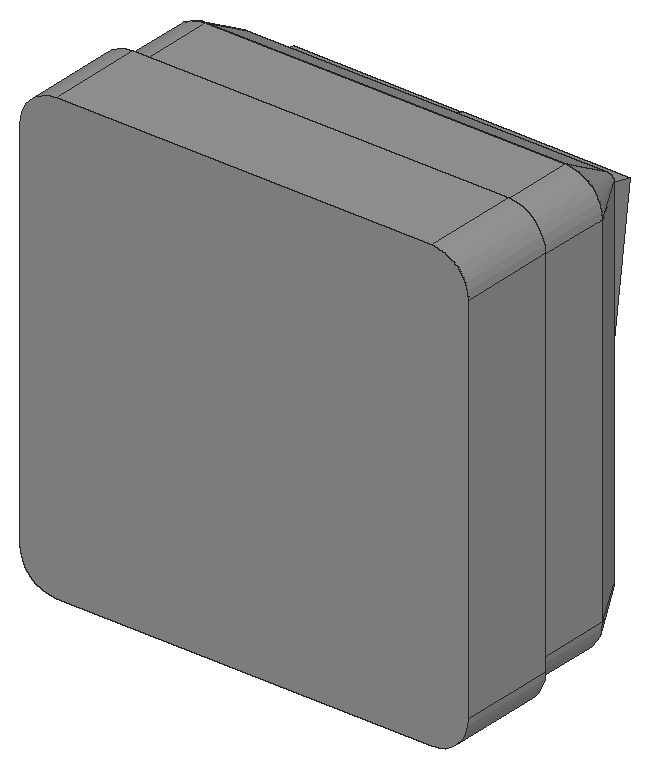
Revit family "IEK_Выключатель_ОткрытойУстановки_С Инд 10А 2-клавишный IP20_ОКТАВА", category Выключатели, Revit 2019
Family settings
  Сохранять ориентацию аннотаций = Да
  Размер круглого соединителя = Использовать диаметр
  Тип детали = Переключатель
  На основе рабочей плоскости = Нет
  Всегда вертикально = Да
  При загрузке вырезать с полостями = Нет
  Общий = Нет
  Точка расчета площади = Нет
Parameters (values of type "ВС20-2-1-ОКм")
  Ширина = 61 mm  # constant formula
  Тип монтажа = "Поверхность монтажа (открытая установка)"  # constant formula
  Степень защиты = "IP20"  # constant formula
  Изготовитель = "IEK"  # constant formula
  Дата изменения = ""
  Глубина = 37 mm  # constant formula
  Высота = 61 mm  # constant formula
  ΔХ [instance] = 2000 mm
  ΔY [instance] = 2000 mm
  KSI_CPr_Строительные изделия = "20.4.01"  # constant formula
  KSI_CMa_Строительные материалы = "01.7.14.03"  # constant formula
  IEK_Цена за единицу = 116.14
  IEK_Поиск в таблице имен = ""
  IEK_Описание = "Универсальный дизайн серии открытой установки \"ОКТАВА\" позволяет устанавливать изделия в квартирах, загородных домах, офисных и производственных помещениях."
  IEK_URL = "https://www.iek.ru/products/catalog/izdeliya_elektroustanovochnye_udliniteli_i_silovye_razemy/elektroustanovochnye_izdeliya/elektroustanovochnye_izdeliya_otkrytogo_montazha_ip20/elektroustanovochnye_izdeliya_oktava/elektroustanovochnye_izdeliya_oktava_tsvet_kremovyy/vyklyuchatel_2_klavishnyy_dlya_otkrytoy_ustanovki_s_indikatsiey_vs20_2_1_okm_10a_oktava_kremovyy_iek"
  ADSK_Ток [instance] = 10 A  # constant formula
  ADSK_Примечание = ""
  ADSK_Полная мощность [instance] = ADSK_Номинальная мощность / ADSK_Коэффициент мощности  # 2200 VA
  ADSK_Позиция [instance] = ""
  ADSK_Номинальная мощность [instance] = ADSK_Ток * ADSK_Напряжение * sqrt(ADSK_Количество фаз числовое) * ADSK_Коэффициент мощности  # 2200 W
  ADSK_Напряжение = 220 V
  ADSK_Наименование = "Выключатель 2-клавишный для открытой установки с индикацией ВС20-2-1-ОКм 10А ОКТАВА кремовый IEK"
  ADSK_Материал обозначение = ""
  ADSK_Материал наименование = "Пластик"  # constant formula
  ADSK_Материал = Цвет кремовый
  ADSK_Масса = 0.061
  ADSK_Марка = "ОКТАВА"  # constant formula
  ADSK_Коэффициент мощности [instance] = 1  # constant formula
  ADSK_Количество фаз числовое = 1
  ADSK_Количество фаз = 1
  ADSK_Код изделия = "EVO21-K33-10-DC"
  ADSK_Классификация нагрузок [instance] = Прочее
  ADSK_Завод-изготовитель = "IEK"  # constant formula
  ADSK_Единица измерения = "шт"  # constant formula
  ADSK_Группирование = "III ЭЛЕКТРОУСТАНОВОЧНЫЕ И ЭЛЕКТРОМОНТАЖНЫЕ ИЗДЕЛИЯ"  # constant formula
  ADSK_Версия семейства = "1.0"  # constant formula
  ADSK_Версия Revit = "2019"  # constant formula
  ADSK_URL страницы изделия = "https://www.iek.ru/products/catalog/izdeliya_elektroustanovochnye_udliniteli_i_silovye_razemy/elektroustanovochnye_izdeliya/elektroustanovochnye_izdeliya_otkrytogo_montazha_ip20/elektroustanovochnye_izdeliya_oktava/?pagec=10"
Types (3, lengths in mm): name | IEK_Цена за единицу | IEK_URL | ADSK_Наименование | ADSK_Материал | ADSK_Масса | ADSK_Код изделия
  (no name) | 116.14 | "https://www.iek.ru/products/catalog/izdeliya_elektroustanovochnye_udliniteli_i_silovye_razemy/elektroustanovochnye_izdeliya/elektroustanovochnye_izdeliya_otkrytogo_montazha_ip20/elektroustanovochnye_izdeliya_oktava/elektroustanovochnye_izdeliya_oktava_tsvet_kremovyy/vyklyuchatel_2_klavishnyy_dlya_otkrytoy_ustanovki_s_indikatsiey_vs20_2_1_okm_10a_oktava_kremovyy_iek" | "Выключатель 2-клавишный для открытой установки с индикацией ВС20-2-1-ОКм 10А ОКТАВА кремовый IEK" | Цвет кремовый | 0.061 | "EVO21-K33-10-DC"
  ВС20-2-1-ОС | 191.46 | "https://www.iek.ru/products/catalog/izdeliya_elektroustanovochnye_udliniteli_i_silovye_razemy/elektroustanovochnye_izdeliya/elektroustanovochnye_izdeliya_otkrytogo_montazha_ip20/elektroustanovochnye_izdeliya_oktava/elektroustanovochnye_izdeliya_oktava_tsvet_sosna/vyklyuchatel_2_klavishnyy_dlya_otkrytoy_ustanovki_s_indikatsiey_vs20_2_1_os_10a_oktava_sosna_iek" | "Выключатель 2-клавишный для открытой установки с индикацией ВС20-2-1-ОС 10А ОКТАВА сосна IEK" | Цвет сосна | 0.059 | "EVO21-K03-10-DC"
  ВС20-2-1-ОКм | 116.14 | "https://www.iek.ru/products/catalog/izdeliya_elektroustanovochnye_udliniteli_i_silovye_razemy/elektroustanovochnye_izdeliya/elektroustanovochnye_izdeliya_otkrytogo_montazha_ip20/elektroustanovochnye_izdeliya_oktava/elektroustanovochnye_izdeliya_oktava_tsvet_kremovyy/vyklyuchatel_2_klavishnyy_dlya_otkrytoy_ustanovki_s_indikatsiey_vs20_2_1_okm_10a_oktava_kremovyy_iek" | "Выключатель 2-клавишный для открытой установки с индикацией ВС20-2-1-ОКм 10А ОКТАВА кремовый IEK" | Цвет кремовый | 0.061 | "EVO21-K33-10-DC"
Reference planes
  plane 1 "По центру (Вперед/Назад)": y = 0
  plane 2: z = 0
  plane 3 "По центру (Влево/Вправо)": x = 0
  plane 4 "Высота ножек": z = 280
  plane 5 "Высота": z = 2081.496
  plane 6: x = -2000
  plane 7: y = 2000
Forms (mm)
  Extrusion 1, solid, detail levels coarse
    sketch origin (0, 24, 0) x (1, 0, 0) y (0, 1, 0)
      loop
        line (-30.5, -24) -> (30.5, -24) -> (30.5, 13) -> (-30.5, 13) -> (-30.5, -24)
    from 0 to 61
  Extrusion 2, solid, detail levels medium
    sketch origin (0, 24, 0) x (1, 0, 0) y (0, 1, 0)
      loop
        line (-30.5, 13) -> (-30.5, -24) -> (30.5, -24) -> (30.5, 13) -> (-30.5, 13)
    from 0 to 61
  Extrusion 3, solid, material "Цвет кремовый" <- "ADSK_Материал", detail levels fine
    sketch origin (0, 0, 30.5) x (1, 0, 0) y (0, 0, -1)
      loop
        line (-30.5, 25.5) -> (-30.5, -25.5)
        arc (-30.5, -25.5) -> (-29.036, -29.036) -> (-25.5, -30.5) r 5
        line (-25.5, -30.5) -> (25.5, -30.5)
        arc (25.5, -30.5) -> (29.036, -29.036) -> (30.5, -25.5) r 5
        line (30.5, -25.5) -> (30.5, 25.5)
        arc (30.5, 25.5) -> (29.036, 29.036) -> (25.5, 30.5) r 5
        line (25.5, 30.5) -> (-25.5, 30.5)
        arc (-25.5, 30.5) -> (-29.036, 29.036) -> (-30.5, 25.5) r 5
    from 0 to 13
  Extrusion 4, solid, material "Цвет кремовый" <- "ADSK_Материал", detail levels fine
    sketch origin (0, 0, 30.5) x (1, 0, 0) y (0, 0, -1)
      loop
        line (-29.5, 24.462) -> (-29.5, -24.462)
        arc (-29.5, -24.462) -> (-28.024, -28.024) -> (-24.462, -29.5) r 5.038
        line (-24.462, -29.5) -> (24.505, -29.5)
        arc (24.505, -29.5) -> (28.037, -28.037) -> (29.5, -24.505) r 4.995
        line (29.5, -24.505) -> (29.5, 24.505)
        arc (29.5, 24.505) -> (28.037, 28.037) -> (24.505, 29.5) r 4.995
        line (24.505, 29.5) -> (-24.462, 29.5)
        arc (-24.462, 29.5) -> (-28.024, 28.024) -> (-29.5, 24.462) r 5.038
    from 13 to 24
  Blend 5, solid, material "Цвет кремовый" <- "ADSK_Материал", detail levels fine
    base sketch origin (0, 0, 30.5) x (1, 0, 0) y (0, 0, -1)
      loop
        line (-29.5, 24.462) -> (-29.5, -24.462)
        arc (-29.5, -24.462) -> (-28.024, -28.024) -> (-24.462, -29.5) r 5.038
        line (-24.462, -29.5) -> (24.505, -29.5)
        arc (24.505, -29.5) -> (28.037, -28.037) -> (29.5, -24.505) r 4.995
        line (29.5, -24.505) -> (29.5, 24.505)
        arc (29.5, 24.505) -> (28.037, 28.037) -> (24.505, 29.5) r 4.995
        line (24.505, 29.5) -> (-24.462, 29.5)
        arc (-24.462, 29.5) -> (-28.024, 28.024) -> (-29.5, 24.462) r 5.038
    top sketch origin (0, 0, 30.5) x (1, 0, 0) y (0, 0, -1)
      loop
        line (-25.459, 24.5) -> (-25.459, -24.5)
        arc (-25.459, -24.5) -> (-25.178, -25.178) -> (-24.5, -25.459) r 0.959
        line (-24.5, -25.459) -> (24.5, -25.459)
        arc (24.5, -25.459) -> (25.178, -25.178) -> (25.459, -24.5) r 0.959
        line (25.459, -24.5) -> (25.459, 24.5)
        arc (25.459, 24.5) -> (25.178, 25.178) -> (24.5, 25.459) r 0.959
        line (24.5, 25.459) -> (-24.5, 25.459)
        arc (-24.5, 25.459) -> (-25.178, 25.178) -> (-25.459, 24.5) r 0.959
    from 24 to 31
  Extrusion 6, void
    sketch origin (0, 0, 30.5) x (1, 0, 0) y (0, 0, -1)
      loop
        arc (-23.459, -21.459) -> (-22.873, -22.873) -> (-21.459, -23.459) r 2
        line (-21.459, -23.459) -> (21.459, -23.459)
        arc (21.459, -23.459) -> (22.873, -22.873) -> (23.459, -21.459) r 2
        line (23.459, -21.459) -> (23.459, 21.459)
        arc (23.459, 21.459) -> (22.873, 22.873) -> (21.459, 23.459) r 2
        line (21.459, 23.459) -> (-21.459, 23.459)
        arc (-21.459, 23.459) -> (-22.873, 22.873) -> (-23.459, 21.459) r 2
        line (-23.459, 21.459) -> (-23.459, -21.459)
    from 30.5 to 31
  Extrusion 7, solid, material "Цвет кремовый" <- "ADSK_Материал", detail levels fine
    sketch origin (0, 0, 30.5) x (0, 0, -1) y (0, 1, 0)
      loop
        line (-23, 30.5) -> (23, 30.5) -> (-21.529, 37) -> (-23, 30.5)
    from 0.1 to 22.8
  Extrusion 8, solid, material "Цвет кремовый" <- "ADSK_Материал", detail levels fine
    sketch origin (0, 0, 30.5) x (0, 0, -1) y (0, -1, 0)
      loop
        line (-23, -30.5) -> (-21.529, -37) -> (23, -30.5) -> (-23, -30.5)
    from 0.1 to 22.8
  Extrusion 9, solid, material "Стекло красное", detail levels fine
    sketch origin (9.782, -1.206, 37.459) x (1, 0, 0) y (0, -0.144529, -0.989501)
      loop
        line (2.07, -11.152) -> (-1.93, -11.11)
        arc (-1.93, -11.11) -> (-3.909, -13.089) -> (-1.93, -15.069) r 1.979
        line (-1.93, -15.069) -> (2.07, -15.11)
        arc (2.07, -15.11) -> (4.049, -13.131) -> (2.07, -11.152) r 1.979
    from 35.002 to 35.872
  Extrusion 10, solid, material "Стекло красное", detail levels fine
    sketch origin (-9.782, -1.206, 37.459) x (-1, 0, 0) y (0, 0.144529, 0.989501)
      loop
        arc (2.07, 11.152) -> (4.049, 13.131) -> (2.07, 15.11) r 1.979
        line (2.07, 15.11) -> (-1.93, 15.069)
        arc (-1.93, 15.069) -> (-3.909, 13.089) -> (-1.93, 11.11) r 1.979
        line (-1.93, 11.11) -> (2.07, 11.152)
    from 35.002 to 35.872
Cuts and joins
  Extrusion 6 cuts Blend 5
Lines and regions (mm)
  reference lines
    curve 1: line (0, 44.647, 0) -> (0, -55.353, 0)
    curve 2: line (-23.829, 0, 0) -> (76.171, 0, 0)
Dimensions and locks
  locked: plane 4 "Высота ножек" to plane 2 at 280
  plane 5 "Высота" to plane 4 "Высота ножек" = 1801.496 mm
  "ΔХ": plane 6 to curve 1
  "ΔY": plane 7 to curve 2
  aligned and locked: level to plane 2
  aligned and locked: curve 2 to nested 1
  aligned and locked: nested 1 to curve 1
  aligned and locked: Blend 5 to Extrusion 4
Automatic sketch dimensions
  Extrusion 1 sketch curve to plane 1 "По центру (Вперед/Назад)" = 37 mm
  Extrusion 1 sketch curve to plane 3 "По центру (Влево/Вправо)" = 30.5 mm
  plane 3 "По центру (Влево/Вправо)" to Extrusion 1 sketch curve = 30.5 mm
  plane 1 "По центру (Вперед/Назад)" to Extrusion 1 sketch curve = 0 mm
  Extrusion 2 sketch curve to plane 3 "По центру (Влево/Вправо)" = 30.5 mm
  plane 3 "По центру (Влево/Вправо)" to Extrusion 2 sketch curve = 30.5 mm
  plane 1 "По центру (Вперед/Назад)" to Extrusion 2 sketch curve = 0 mm
  Extrusion 2 sketch curve to plane 1 "По центру (Вперед/Назад)" = 37 mm
  Extrusion 3 sketch curve to level = 0 mm
  level to Extrusion 3 sketch curve = 5 mm  (x2)
  Extrusion 3 sketch curve to plane 3 "По центру (Влево/Вправо)" = 30.5 mm
  Extrusion 3 sketch curve to Extrusion 3 sketch curve = 5 mm
  plane 3 "По центру (Влево/Вправо)" to Extrusion 3 sketch curve = 25.5 mm  (x2)
  Extrusion 3 sketch curve to Extrusion 3 sketch curve = 51 mm
  Extrusion 4 sketch curve to plane 3 "По центру (Влево/Вправо)" = 29.5 mm
  Extrusion 4 sketch curve to Extrusion 4 sketch curve = 5.038 mm  (x2)
  level to Extrusion 4 sketch curve = 1 mm
  plane 3 "По центру (Влево/Вправо)" to Extrusion 4 sketch curve = 24.505 mm  (x2)
  Extrusion 4 sketch curve to Extrusion 4 sketch curve = 4.995 mm
  Extrusion 4 sketch curve to Extrusion 4 sketch curve = 48.925 mm
  Extrusion 4 sketch curve to Extrusion 4 sketch curve = 0 mm  (x2)
  level to Blend 5 sketch curve = 6.038 mm
  Blend 5 sketch curve to plane 3 "По центру (Влево/Вправо)" = 29.5 mm
  Blend 5 sketch curve to Blend 5 sketch curve = 5.038 mm  (x2)
  plane 3 "По центру (Влево/Вправо)" to Blend 5 sketch curve = 24.505 mm  (x2)
  level to Blend 5 sketch curve = 5.995 mm
  Blend 5 sketch curve to Blend 5 sketch curve = 48.925 mm
  level to Blend 5 sketch curve = 6 mm  (x2)
  Blend 5 sketch curve to plane 3 "По центру (Влево/Вправо)" = 25.459 mm
  Blend 5 sketch curve to Blend 5 sketch curve = 0.959 mm  (x2)
  plane 3 "По центру (Влево/Вправо)" to Blend 5 sketch curve = 24.5 mm  (x2)
  Blend 5 sketch curve to Blend 5 sketch curve = 49 mm
  Extrusion 6 sketch curve to plane 3 "По центру (Влево/Вправо)" = 23.459 mm
  Extrusion 6 sketch curve to Extrusion 6 sketch curve = 2 mm  (x3)
  level to Extrusion 6 sketch curve = 7.041 mm
  plane 3 "По центру (Влево/Вправо)" to Extrusion 6 sketch curve = 21.459 mm  (x2)
  Extrusion 6 sketch curve to Extrusion 6 sketch curve = 42.917 mm
  level to Extrusion 7 sketch curve = 53.5 mm
  Extrusion 7 sketch curve to Extrusion 7 sketch curve = 1.471 mm
  level to Extrusion 7 sketch curve = 7.5 mm
  Extrusion 7 sketch curve to plane 1 "По центру (Вперед/Назад)" = 30.5 mm
  Extrusion 7 sketch curve to Extrusion 7 sketch curve = 6.5 mm
  level to Extrusion 8 sketch curve = 53.5 mm
  Extrusion 8 sketch curve to Extrusion 8 sketch curve = 1.471 mm
  level to Extrusion 8 sketch curve = 7.5 mm
  Extrusion 8 sketch curve to plane 1 "По центру (Вперед/Назад)" = 37 mm
  Extrusion 8 sketch curve to plane 1 "По центру (Вперед/Назад)" = 30.5 mm
  plane 3 "По центру (Влево/Вправо)" to Extrusion 9 sketch curve = 7.852 mm
  Extrusion 9 sketch curve to Extrusion 9 sketch curve = 4 mm
  Extrusion 9 sketch curve to Extrusion 9 sketch curve = 0.042 mm
  Extrusion 9 sketch curve to Extrusion 9 sketch curve = 1.979 mm  (x2)
  Extrusion 10 sketch curve to plane 3 "По центру (Влево/Вправо)" = 7.852 mm
  Extrusion 10 sketch curve to Extrusion 10 sketch curve = 4 mm
  Extrusion 10 sketch curve to Extrusion 10 sketch curve = 0.042 mm
  Extrusion 10 sketch curve to Extrusion 10 sketch curve = 1.979 mm  (x2)
  curve 2 to plane 3 "По центру (Влево/Вправо)" = 23.829 mm
  plane 3 "По центру (Влево/Вправо)" to curve 2 = 76.171 mm
  plane 1 "По центру (Вперед/Назад)" to curve 1 = 55.353 mm
  curve 1 to plane 1 "По центру (Вперед/Назад)" = 44.647 mm
Nested families
  nested 1: "УГО Выключателя" at (0, 0, 0), type "2K-O", detail levels coarse+medium
    with IP44 no
Connectors
  electrical at (0, 0, 30.5), driven by "ADSK_Количество фаз", driven by "ADSK_Классификация нагрузок", driven by "ADSK_Напряжение", driven by "ADSK_Полная мощность", driven by "ADSK_Коэффициент мощности"
    settings: on Extrusion 1, index 1, voltage 220 V, apparent load 0 VA, apparent load phase1 2200 VA, apparent load phase2 0 VA, apparent load phase3 0 VA, power factor 1, load classification "Прочее", number of poles 1, system type 31, power factor state 1, is connector primary yes, connector utility no, sub classification motor no, connector description ""
Definition of nested family "УГО Выключателя"
  Parameters (values of type "3K-O")
    IP44 [instance] = no
    3K-C = no
    2K-C = no
    1K-C = no
    3K-O = yes
    2K-O = no
    1K-O = no
  Types (6, lengths in mm): name | 3K-C | 2K-C | 1K-C | 3K-O | 2K-O | 1K-O
    2K-O | no | no | no | no | yes | no
    3K-O | no | no | no | yes | no | no
    2K-C | no | yes | no | no | no | no
    1K-O | no | no | no | no | no | yes
    1K-C | no | no | yes | no | no | no
    3K-C | yes | no | no | no | no | no
  Reference planes
    plane 1: y = 0
    plane 2: x = 0
  Lines and regions (mm)
    Filled region 1, type "Цветовая область 1", visible <- "IP44", not visible
      outline origin (0, 0, 0) x (1, 0, 0) y (0, 1, 0)
        loop
          circle (0, 2.214) r 0.994
    Filled region 2, type "Цветовая область 1", visible <- "IP44", not visible
      outline origin (-1.562, 0, 0) x (1, 0, 0) y (0, 1, 0)
        loop
          circle (11.009, 9.276) r 0.994
    Filled region 3, type "Цветовая область 1", visible <- "IP44", not visible
      outline origin (-1.562, 0, 0) x (1, 0, 0) y (0, 1, 0)
        loop
          circle (23.521, 9.279) r 0.994
    Filled region 4, type "Цветовая область 1", visible <- "IP44", not visible
      outline origin (0, 0, 0) x (1, 0, 0) y (0, 1, 0)
        loop
          circle (28.604, 9.279) r 0.994
    Filled region 5, type "Цветовая область 1", visible <- "IP44", not visible
      outline origin (0, 0, 0) x (1, 0, 0) y (0, 1, 0)
        loop
          circle (32.789, 9.279) r 0.994
    Filled region 6, type "Цветовая область 1", visible <- "IP44"
      outline origin (0, 0, 0) x (1, 0, 0) y (0, 1, 0)
        loop
          circle (0.006, 0.994) r 0.994
    Filled region 7, type "Цветовая область 1", visible <- "IP44"
      outline origin (0, 0, 0) x (1, 0, 0) y (0, 1, 0)
        loop
          circle (0.006, 0.994) r 0.994
    Filled region 8, type "Цветовая область 1", visible <- "IP44"
      outline origin (-1.562, 0, 0) x (1, 0, 0) y (0, 1, 0)
        loop
          circle (1.569, 0.994) r 0.994
    Filled region 9, type "Цветовая область 1", visible <- "IP44"
      outline origin (0, 0, 0) x (1, 0, 0) y (0, 1, 0)
        loop
          circle (0.006, 0.994) r 0.994
    Filled region 10, type "Цветовая область 1", visible <- "IP44", not visible
      outline origin (0, 0, 0) x (1, 0, 0) y (0, 1, 0)
        loop
          circle (15.057, 15.33) r 0.994
    Filled region 11, type "Цветовая область 1", visible <- "IP44"
      outline origin (-1.562, 0, 0) x (1, 0, 0) y (0, 1, 0)
        loop
          circle (1.569, 0.994) r 0.994
    Filled region 12, type "Цветовая область 1", visible <- "IP44"
      outline origin (0, 0, 0) x (1, 0, 0) y (0, 1, 0)
        loop
          circle (0.006, 0.994) r 0.994
    detail lines, visible <- "3K-O", not visible
      curve 1: line (0.86, 2.711, 0) -> (3.031, 3.964, 0)
      curve 2: line (0.639, 2.975, 0) -> (2.25, 4.895, 0)
      curve 3: line (0.323, 3.154, 0) -> (1.139, 5.524, 0)
      curve 4: circle (0, 2.214, 0) r 0.994 normal (0, 0, 1)
      curve 5: line (3.031, 3.964, 0) -> (3.431, 3.272, 0)
      curve 6: line (2.25, 4.895, 0) -> (2.863, 4.381, 0)
      curve 7: line (1.139, 5.524, 0) -> (1.896, 5.263, 0)
    detail lines, visible <- "2K-O", not visible
      curve 8: line (10.196, 9.928, 0) -> (12.088, 11.572, 0)
      curve 9: line (9.928, 10.145, 0) -> (11.143, 12.337, 0)
      curve 10: circle (9.446, 9.276, 0) r 0.994 normal (0, 0, 1)
      curve 11: line (12.088, 11.572, 0) -> (12.613, 10.968, 0)
      curve 12: line (11.143, 12.337, 0) -> (11.843, 11.949, 0)
    detail lines, visible <- "1K-O", not visible
      curve 13: line (15.627, 16.144, 0) -> (17.201, 18.393, 0)
      curve 14: circle (15.057, 15.33, 0) r 0.994 normal (0, 0, 1)
      curve 15: line (17.201, 18.393, 0) -> (17.857, 17.934, 0)
    detail lines, visible <- "3K-C", not visible
      curve 16: line (22.819, 9.775, 0) -> (24.99, 11.029, 0)
      curve 17: line (22.597, 10.04, 0) -> (24.208, 11.96, 0)
      curve 18: line (22.282, 10.218, 0) -> (23.098, 12.588, 0)
      curve 19: circle (21.958, 9.279, 0) r 0.994 normal (0, 0, 1)
      curve 20: line (24.765, 11.418, 0) -> (25.215, 10.639, 0)
      curve 21: line (23.863, 12.249, 0) -> (24.553, 11.67, 0)
      curve 22: line (22.672, 12.734, 0) -> (23.523, 12.441, 0)
    detail lines, visible <- "2K-C", not visible
      curve 23: line (29.354, 9.93, 0) -> (31.246, 11.575, 0)
      curve 24: line (29.086, 10.148, 0) -> (30.301, 12.34, 0)
      curve 25: circle (28.604, 9.279, 0) r 0.994 normal (0, 0, 1)
      curve 26: line (30.951, 11.914, 0) -> (31.541, 11.235, 0)
      curve 27: line (29.908, 12.558, 0) -> (30.695, 12.122, 0)
    detail lines, visible <- "1K-C", not visible
      curve 28: line (33.359, 10.092, 0) -> (34.797, 12.146, 0)
      curve 29: circle (32.789, 9.279, 0) r 0.994 normal (0, 0, 1)
      curve 30: line (34.428, 12.404, 0) -> (35.165, 11.887, 0)
    detail lines
      curve 31: line (0.006, 0, 0) -> (0.006, 2.454, 0)
      curve 32: line (0.006, 0, 0) -> (2.217, 0, 0)
    detail lines, visible <- "1K-C"
      curve 33: line (0.576, 1.808, 0) -> (2.014, 3.861, 0)
      curve 34: circle (0.006, 0.994, 0) r 0.994 normal (0, 0, 1)
      curve 35: line (1.645, 4.119, 0) -> (2.383, 3.603, 0)
    detail lines, visible <- "2K-C"
      curve 36: line (0.756, 1.645, 0) -> (2.648, 3.29, 0)
      curve 37: line (0.488, 1.863, 0) -> (1.703, 4.055, 0)
      curve 38: circle (0.006, 0.994, 0) r 0.994 normal (0, 0, 1)
      curve 39: line (2.353, 3.629, 0) -> (2.943, 2.95, 0)
      curve 40: line (1.31, 4.273, 0) -> (2.097, 3.837, 0)
    detail lines, visible <- "3K-C"
      curve 41: line (0.867, 1.49, 0) -> (3.037, 2.744, 0)
      curve 42: line (0.645, 1.755, 0) -> (2.256, 3.675, 0)
      curve 43: line (0.33, 1.933, 0) -> (1.146, 4.303, 0)
      curve 44: circle (0.006, 0.994, 0) r 0.994 normal (0, 0, 1)
      curve 45: line (2.812, 3.133, 0) -> (3.262, 2.354, 0)
      curve 46: line (1.911, 3.964, 0) -> (2.601, 3.386, 0)
      curve 47: line (0.72, 4.449, 0) -> (1.571, 4.156, 0)
    detail lines, visible <- "1K-O"
      curve 48: line (0.576, 1.808, 0) -> (2.151, 4.056, 0)
      curve 49: circle (0.006, 0.994, 0) r 0.994 normal (0, 0, 1)
      curve 50: line (2.151, 4.056, 0) -> (2.806, 3.597, 0)
    detail lines, visible <- "2K-O"
      curve 51: line (0.756, 1.645, 0) -> (2.648, 3.29, 0)
      curve 52: line (0.488, 1.863, 0) -> (1.703, 4.055, 0)
      curve 53: circle (0.006, 0.994, 0) r 0.994 normal (0, 0, 1)
      curve 54: line (2.648, 3.29, 0) -> (3.173, 2.686, 0)
      curve 55: line (1.703, 4.055, 0) -> (2.403, 3.667, 0)
    detail lines, visible <- "3K-O"
      curve 56: line (0.867, 1.49, 0) -> (3.037, 2.744, 0)
      curve 57: line (0.645, 1.755, 0) -> (2.256, 3.675, 0)
      curve 58: line (0.33, 1.933, 0) -> (1.146, 4.303, 0)
      curve 59: circle (0.006, 0.994, 0) r 0.994 normal (0, 0, 1)
      curve 60: line (3.037, 2.744, 0) -> (3.437, 2.051, 0)
      curve 61: line (2.256, 3.675, 0) -> (2.869, 3.161, 0)
      curve 62: line (1.146, 4.303, 0) -> (1.902, 4.042, 0)
